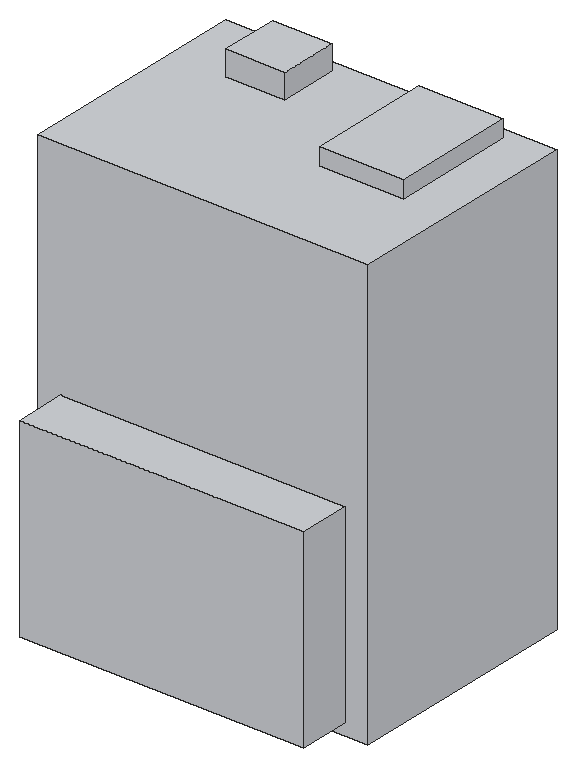
Revit family "290c19621f6c4a359437cc6096cda9eb", category Mechanical Equipment, Revit 2021
Family settings
  Round Connector Dimension = Use Radius
  Part Type = Normal
  OmniClass Number = 23.75.70.17.27
  OmniClass Title = Fan Coil Units
  Seek Item ID = Fan Coil Unit - Vertical - Belt Drive - CHW-0000-USA-ENU
  Work Plane-Based = No
  Always vertical = Yes
  Cut with Voids When Loaded = No
  Shared = No
  Room Calculation Point = No
Parameters (values of type "600 CFM")
  Voltage = 120 V
  Unit Width = 1' - 8"
  Unit Length = 2' - 4 1/16"
  Unit Height = 3' - 0 1/2"
  Total Cooling Capacity = 19500 Btu/h
  Supply Air Width = 7 1/8"
  Supply Air Height = 10 9/16"
  Sensible Cooling Capacity = 14500 Btu/h
  Return Air Width = 24 1/16"
  Return Air Height = 16 7/16"
  Number of Poles = 1
  Nominal Air Flow [instance] = 600 CFM
  Load Classification = Cooling
  Heating Water Pressure Drop [instance] = 11.30 psi
  Heating Water Flow [instance] = 2 GPM
  Heating Capacity = 46900 Btu/h
  External Static Pressure [instance] = 0.30 in-wg
  Drain Flow [instance] = 0 GPM
  Default Elevation = 0' - 0"
  Chilled Water Radius = 3/4"
  Chilled Water Pressure Drop [instance] = 11.30 psi
  Chilled Water Flow [instance] = 3 GPM
  Chilled Water Diameter = Chilled Water Radius * 2  # 1 1/2"
  CFU Material = none
  C6 Offset 1 = 0' - 3 3/4"
  C4 Offset 2 = 0' - 7"
  C4 Offset 1 = 1' - 3 1/2"
  C3 Offset 2 = 0' - 3 1/2"
  C3 Offset 1 = 0' - 7"
  C2 Offset 2 = 1' - 0 3/4"
  C1 Offset 2 = 0' - 6 1/8"
  C1 Offset 1 = 0' - 5 15/16"
  Apparent Load = 3413 VA
Types (9): name | Voltage | Unit Width | Unit Length | Unit Height | Total Cooling Capacity | Supply Air Width | Supply Air Height | Sensible Cooling Capacity | Return Air Width | Return Air Height | Nominal Air Flow | Heating Water Pressure Drop | Heating Water Flow | Heating Capacity | Chilled Water Radius | Chilled Water Pressure Drop | Chilled Water Flow | Chilled Water Diameter | C6 Offset 1 | C4 Offset 2 | C4 Offset 1 | C3 Offset 2 | C3 Offset 1 | C2 Offset 2 | C1 Offset 2 | Apparent Load
  (no name) | 120 V | 1' - 8" | 2' - 4 1/16" | 3' - 0 1/2" | 19500 Btu/h | 7 1/8" | 10 9/16" | 14500 Btu/h | 24 1/16" | 16 7/16" | 600 CFM | 11.30 psi | 2 GPM | 46900 Btu/h | 3/4" | 11.30 psi | 3 GPM | 1 1/2" | 0' - 3 3/4" | 0' - 7" | 1' - 3 1/2" | 0' - 3 1/2" | 0' - 7" | 1' - 0 3/4" | 0' - 6 1/8" | 3413 VA
  600 CFM | 120 V | 1' - 8" | 2' - 4 1/16" | 3' - 0 1/2" | 19500 Btu/h | 7 1/8" | 10 9/16" | 14500 Btu/h | 24 1/16" | 16 7/16" | 600 CFM | 11.30 psi | 2 GPM | 46900 Btu/h | 3/4" | 11.30 psi | 3 GPM | 1 1/2" | 0' - 3 3/4" | 0' - 7" | 1' - 3 1/2" | 0' - 3 1/2" | 0' - 7" | 1' - 0 3/4" | 0' - 6 1/8" | 3413 VA
  800 CFM | 120 V | 1' - 8" | 2' - 4 1/16" | 3' - 0 1/2" | 24900 Btu/h | 8 9/16" | 10 9/16" | 18600 Btu/h | 24 1/16" | 16 7/16" | 800 CFM | 20.10 psi | 2 GPM | 46900 Btu/h | 3/4" | 20.10 psi | 4 GPM | 1 1/2" | 0' - 3 3/4" | 0' - 7" | 1' - 3 1/2" | 0' - 3 1/2" | 0' - 7" | 1' - 0 3/4" | 0' - 6 1/8" | 3413 VA
  1000 CFM | 120 V | 1' - 10" | 3' - 1 1/16" | 3' - 3 3/8" | 34600 Btu/h | 7 1/2" | 11 11/16" | 24900 Btu/h | 33 1/16" | 18 3/16" | 1000 CFM | 35.80 psi | 2 GPM | 46900 Btu/h | 3/4" | 35.80 psi | 5 GPM | 1 1/2" | 0' - 5 1/2" | 0' - 7" | 1' - 5 1/8" | 0' - 5 1/8" | 0' - 7" | 1' - 2 3/8" | 0' - 7 3/4" | 3413 VA
  1200 CFM | 120 V | 1' - 10" | 3' - 1 1/16" | 3' - 3 3/8" | 39800 Btu/h | 9 15/16" | 11 11/16" | 28900 Btu/h | 33 1/16" | 18 3/16" | 1200 CFM | 51.50 psi | 3 GPM | 68500 Btu/h | 3/4" | 51.50 psi | 6 GPM | 1 1/2" | 0' - 5 1/2" | 0' - 7" | 1' - 5 1/8" | 0' - 5 1/8" | 0' - 7" | 1' - 2 3/8" | 0' - 7 3/4" | 5119.5 VA
  1600 CFM | 120 V | 1' - 10" | 3' - 11 1/16" | 3' - 3 3/8" | 54400 Btu/h | 13 5/16" | 12 11/16" | 39100 Btu/h | 43 1/16" | 18 3/16" | 1600 CFM | 43.30 psi | 3 GPM | 87700 Btu/h | 1" | 43.30 psi | 9 GPM | 2" | 1' - 4 1/2" | 0' - 7" | 1' - 0" | 0' - 10 5/8" | 0' - 9 5/8" | 1' - 3 5/8" | 0' - 7 3/4" | 8532.5 VA
  2000 CFM | 120 V | 2' - 0" | 4' - 0 1/16" | 3' - 9 1/8" | 68600 Btu/h | 12 1/2" | 13 3/4" | 48900 Btu/h | 44 1/16" | 20 11/16" | 2000 CFM | 72.50 psi | 4 GPM | 104900 Btu/h | 1" | 72.50 psi | 11 GPM | 2" | 1' - 5 13/16" | 0' - 7" | 1' - 1 5/16" | 0' - 11 15/16" | 0' - 9 5/8" | 1' - 6 3/16" | 0' - 7 13/16" | 11945.5 VA
  3000 CFM | 120 V | 2' - 4" | 4' - 0 1/16" | 4' - 6 3/16" | 102800 Btu/h | 15 7/8" | 13 3/4" | 73600 Btu/h | 44 1/16" | 28 15/16" | 3000 CFM | 46.00 psi | 6 GPM | 149200 Btu/h | 1 1/2" | 46.00 psi | 17 GPM | 3" | 1' - 4 1/8" | 0' - 8" | 1' - 4 7/16" | 1' - 2 1/16" | 0' - 9 5/8" | 2' - 2 5/16" | 0' - 5 15/16" | 20478 VA
  4000 CFM | 208 V | 2' - 4" | 5' - 2 1/16" | 4' - 9 5/8" | 147900 Btu/h | 16 7/16" | 16 1/16" | 102700 Btu/h | 58 1/16" | 28 15/16" | 4000 CFM | 112.70 psi | 7 GPM | 182400 Btu/h | 1 1/2" | 112.70 psi | 25 GPM | 3" | 1' - 10 7/8" | 0' - 8" | 1' - 4 7/16" | 1' - 2 1/16" | 0' - 9 5/8" | 2' - 2 5/16" | 0' - 5 15/16" | 20478 VA
Reference planes (in)
  plane 1 "Center (Front/Back)": y = 0
  plane 2: z = 0
  plane 3 "Center (Left/Right)": x = 0
  plane 4: x = 28.0625
  plane 5: y = 20
  plane 6: y = 19
  plane 7: x = 24.3125
  plane 8: x = 17.1875
  plane 9: y = 8.4375
  plane 10: z = 36.5
  plane 11: z = 1
  plane 12: x = 2
  plane 13: x = 26.0625
  plane 14: z = 17.4375
  plane 15: y = -4.375
  plane 16: z = 37.9375
  plane 17: z = 38.5625
  plane 18: x = 9.75
  plane 19: y = 14
  plane 20: x = 4.75
  plane 21: x = -1
  plane 22: z = 6.125
  plane 23: y = 5.9375
  plane 24: y = 2.6875
  plane 25: z = 12.75
  plane 26: y = 7
  plane 27: z = 3.5
  plane 28: y = 15.5
  plane 29: z = 7
  plane 30: y = 8.625
  plane 31: z = 1.625
Forms (in)
  Extrusion 1, solid, material <- "CFU Material"
    sketch origin (0, 0, 0) x (1, 0, 0) y (0, 1, 0)
      loop
        line (0, 20) -> (0, 0) -> (28.0625, 0) -> (28.0625, 20) -> (0, 20)
    from 0 to 36.5
  Extrusion 2, solid, material <- "CFU Material"
    sketch origin (0, 0, 0) x (1, 0, 0) y (0, 0, 1)
      loop
        line (2, 17.4375) -> (2, 1) -> (26.0625, 1) -> (26.0625, 17.4375) -> (2, 17.4375)
    from 0 to 4.375
  Extrusion 3, solid, material <- "CFU Material"
    sketch origin (0, 0, 0) x (1, 0, 0) y (0, 1, 0)
      loop
        line (17.1875, 19) -> (17.1875, 8.4375) -> (24.3125, 8.4375) -> (24.3125, 19) -> (17.1875, 19)
    from 36.5 to 37.9375
  Extrusion 4, solid, material <- "CFU Material"
    sketch origin (0, 0, 0) x (1, 0, 0) y (0, 1, 0)
      loop
        line (4.75, 19) -> (4.75, 14) -> (9.75, 14) -> (9.75, 19) -> (4.75, 19)
    from 36.5 to 38.5625
  Extrusion 5, solid, material <- "CFU Material"
    sketch origin (0, 0, 0) x (0, 1, 0) y (0, 0, 1)
      loop
        circle (5.9375, 6.125) r 0.75
    from -1 to 0
  Extrusion 6, solid, material <- "CFU Material"
    sketch origin (0, 0, 0) x (0, 1, 0) y (0, 0, 1)
      loop
        circle (2.6875, 12.75) r 0.75
    from -1 to 0
  Extrusion 7, solid, material <- "CFU Material"
    sketch origin (0, 0, 0) x (0, 1, 0) y (0, 0, 1)
      loop
        circle (7, 3.5) r 0.25
    from -1 to 0
  Extrusion 8, solid, material <- "CFU Material"
    sketch origin (0, 0, 0) x (0, 1, 0) y (0, 0, 1)
      loop
        circle (15.5, 7) r 0.25
    from -1 to 0
  Extrusion 9, solid, material <- "CFU Material"
    sketch origin (0, 0, 0) x (0, 1, 0) y (0, 0, 1)
      loop
        circle (8.625, 1.625) r 0.375
    from -1 to 0
Cuts and joins
  joined: Extrusion 1, Extrusion 2, Extrusion 3, Extrusion 4, Extrusion 5, Extrusion 6, Extrusion 7, Extrusion 8, Extrusion 9
Dimensions and locks (in)
  "Unit Length": plane 3 "Center (Left/Right)" to plane 4
  "Unit Width": plane 5 to plane 1 "Center (Front/Back)"
  locked: plane 5 to plane 6 at 1
  "C6 Offset 1": plane 7 to plane 4
  "Supply Air Width": plane 8 to plane 7
  "Supply Air Height": plane 6 to plane 9
  "Unit Height": plane 10 to plane 2
  locked: plane 11 to plane 2 at 1
  locked: plane 3 "Center (Left/Right)" to plane 12 at 2
  "Return Air Width": plane 13 to plane 12
  "Return Air Height": plane 14 to plane 11
  locked: plane 16 to plane 10 at 1.4375
  locked: plane 17 to plane 10 at 2.0625
  locked: plane 18 to plane 8 at 7.4375
  locked: plane 6 to plane 19 at 5
  locked: plane 20 to plane 18 at 5
  locked: plane 1 "Center (Front/Back)" to plane 15 at 4.375
  locked: plane 21 to plane 3 "Center (Left/Right)" at 1
  "C1 Offset 2": plane 2 to plane 22
  "C1 Offset 1": plane 23 to plane 1 "Center (Front/Back)"
  locked: plane 24 to plane 1 "Center (Front/Back)" at 2.6875
  "C2 Offset 2": plane 2 to plane 25
  "C3 Offset 1": plane 26 to plane 1 "Center (Front/Back)"
  "C3 Offset 2": plane 27 to plane 2
  "C4 Offset 1": plane 28 to plane 1 "Center (Front/Back)"
  "C4 Offset 2": plane 29 to plane 2
  locked: plane 30 to plane 1 "Center (Front/Back)" at 8.625
  locked: plane 31 to plane 2 at 1.625
  "Chilled Water Radius": radius of Extrusion 5 sketch curve
  "Chilled Water Radius": radius of Extrusion 6 sketch curve
  radius of Extrusion 8 sketch curve = 0' - 0 1/4"
  radius of Extrusion 9 sketch curve = 0' - 0 3/8"
  aligned and locked: plane 3 "Center (Left/Right)" to Extrusion 1 sketch curve
  aligned and locked: Extrusion 1 sketch curve to plane 1 "Center (Front/Back)"
  aligned and locked: Extrusion 1 sketch curve to plane 4
  aligned and locked: Extrusion 1 to plane 2
  aligned and locked: plane 10 to Extrusion 1
  aligned and locked: Extrusion 2 sketch curve to plane 14
  aligned and locked: Extrusion 2 sketch curve to plane 12
  aligned and locked: Extrusion 2 sketch curve to plane 13
  aligned and locked: plane 11 to Extrusion 2 sketch curve
  aligned and locked: Extrusion 2 to plane 1 "Center (Front/Back)"
  aligned and locked: Extrusion 2 to plane 15
  aligned and locked: Extrusion 3 sketch curve to plane 7
  aligned and locked: plane 9 to Extrusion 3 sketch curve
  aligned and locked: plane 8 to Extrusion 3 sketch curve
  aligned and locked: Extrusion 3 sketch curve to plane 6
  aligned and locked: plane 16 to Extrusion 3
  aligned and locked: Extrusion 3 to plane 10
  aligned and locked: Extrusion 4 sketch curve to plane 18
  aligned and locked: plane 19 to Extrusion 4 sketch curve
  aligned and locked: plane 20 to Extrusion 4 sketch curve
  aligned and locked: Extrusion 4 sketch curve to plane 6
  aligned and locked: plane 17 to Extrusion 4
  aligned and locked: Extrusion 4 to plane 10
  aligned and locked: plane 22 to Extrusion 5 sketch curve
  aligned and locked: plane 23 to Extrusion 5 sketch curve
  aligned and locked: plane 25 to Extrusion 6 sketch curve
  aligned and locked: Extrusion 6 sketch curve to plane 24
  aligned and locked: Extrusion 5 to plane 3 "Center (Left/Right)"
  aligned and locked: Extrusion 5 to plane 21
  aligned and locked: Extrusion 6 to plane 3 "Center (Left/Right)"
  aligned and locked: Extrusion 6 to plane 21
  aligned and locked: Extrusion 7 sketch curve to plane 27
  aligned and locked: plane 26 to Extrusion 7 sketch curve
  aligned and locked: Extrusion 7 to plane 21
  aligned and locked: plane 3 "Center (Left/Right)" to Extrusion 7
  aligned and locked: plane 29 to Extrusion 8 sketch curve
  aligned and locked: plane 28 to Extrusion 8 sketch curve
  aligned and locked: Extrusion 8 to plane 21
  aligned and locked: plane 3 "Center (Left/Right)" to Extrusion 8
  aligned and locked: plane 31 to Extrusion 9 sketch curve
  aligned and locked: plane 30 to Extrusion 9 sketch curve
  aligned and locked: Extrusion 9 to plane 21
  aligned and locked: plane 3 "Center (Left/Right)" to Extrusion 9
  aligned and locked: Extrusion 1 sketch curve to plane 5
Automatic sketch dimensions
  radius of Extrusion 7 sketch curve = 0' - 0 1/4"
Connectors (in)
  piping at (-1, 5.9375, 6.125), diameter 1.5, driven by "Chilled Water Radius", driven by "Chilled Water Flow"
    settings: on cut or joined group 1 (Extrusion 1, Extrusion 2, Extrusion 3, Extrusion 4, Extrusion 5, Extrusion 6, Extrusion 7, Extrusion 8, Extrusion 9), index 1, connector inside diameter 1 1/2", connector length 0' - 0", flow factor 0, pipe flow 3 GPM, pressure drop 0.00 psi, fitting loss kfactor 0, connector angle 0.00°, fixture units 0, engagement length 0' - 0", angle of deflection 0.00°, flow configuration 1, flow direction 1, fitting loss method 4, system type 7, joint type 0, gender type 0, connector reference index 2, connector utility 0, adjustable connector no, is connector primary yes, connector description "Chilled Water,In"
  piping at (-1, 2.6875, 12.75), diameter 1.5, driven by "Chilled Water Radius", driven by "Chilled Water Flow", driven by "Chilled Water Pressure Drop"
    settings: on cut or joined group 1, index 2, connector inside diameter 1 1/2", connector length 0' - 0", flow factor 0, pipe flow 3 GPM, pressure drop 11.30 psi, fitting loss kfactor 0, connector angle 0.00°, fixture units 0, engagement length 0' - 0", angle of deflection 0.00°, flow configuration 1, flow direction 2, fitting loss method 4, system type 8, joint type 0, gender type 0, connector reference index 1, connector utility 0, adjustable connector no, is connector primary no, connector description "Chilled Water,Out"
  piping at (-1, 7, 3.5), diameter 0.5, driven by "Heating Water Flow"
    settings: on cut or joined group 1, index 3, connector inside diameter 1/2", connector length 0' - 0", flow factor 0, pipe flow 2 GPM, pressure drop 0.00 psi, fitting loss kfactor 0, connector angle 0.00°, fixture units 0, engagement length 0' - 0", angle of deflection 0.00°, flow configuration 1, flow direction 1, fitting loss method 4, system type 7, joint type 0, gender type 0, connector reference index 4, connector utility 0, adjustable connector no, is connector primary no, connector description "Heating Water,In"
  piping at (-1, 15.5, 7), diameter 0.5, driven by "Heating Water Flow", driven by "Heating Water Pressure Drop"
    settings: on cut or joined group 1, index 4, connector inside diameter 1/2", connector length 0' - 0", flow factor 0, pipe flow 2 GPM, pressure drop 11.30 psi, fitting loss kfactor 0, connector angle 0.00°, fixture units 0, engagement length 0' - 0", angle of deflection 0.00°, flow configuration 1, flow direction 2, fitting loss method 4, system type 8, joint type 0, gender type 0, connector reference index 3, connector utility 0, adjustable connector no, is connector primary no, connector description "Heating Water,Out"
  piping at (-1, 8.625, 1.625), diameter 0.75, driven by "Drain Flow"
    settings: on cut or joined group 1, index 5, connector inside diameter 3/4", connector length 0' - 0", flow factor 0, pipe flow 0 GPM, pressure drop 0.00 psi, fitting loss kfactor 0, connector angle 0.00°, fixture units 0, engagement length 0' - 0", angle of deflection 0.00°, flow configuration 1, flow direction 2, fitting loss method 0, system type 16, joint type 0, gender type 0, connector reference index -1, connector utility 0, adjustable connector yes, is connector primary no, connector description "Drain,Out"
  hvac at (20.75, 13.71875, 37.9375), driven by "Nominal Air Flow", driven by "Supply Air Height", driven by "Supply Air Width"
    settings: on Extrusion 3, index 6, duct flow 600 CFM, flow factor 0, pres drop 0.00 in-wg, loss coef 0, conn angle 0.00°, conn width 7 1/8", conn height 10 9/16", conn diameter 24", duct sys type 1, conn prof type 1, flow config 0, flow direction 2, loss method 0, conn ref index 7, conn util no, is conn primary yes, conn desc ""
  hvac at (14.03125, -4.375, 9.21875), driven by "Nominal Air Flow", driven by "Return Air Height", driven by "Return Air Width"
    settings: on cut or joined group 1, index 7, duct flow 600 CFM, flow factor 0, pres drop 0.00 in-wg, loss coef 0, conn angle 0.00°, conn width 24 1/16", conn height 16 7/16", conn diameter 24", duct sys type 2, conn prof type 1, flow config 0, flow direction 1, loss method 0, conn ref index 6, conn util no, is conn primary no, conn desc ""
  electrical at (7.25, 16.5, 38.5625), driven by "Apparent Load", driven by "Voltage", driven by "Number of Poles", driven by "Load Classification"
    settings: on Extrusion 4, index 8, voltage 120 V, apparent load 3413 VA, apparent load phase1 0 VA, apparent load phase2 0 VA, apparent load phase3 0 VA, power factor 0.8, load classification "Cooling", number of poles 1, system type 30, power factor state 1, is connector primary yes, connector utility no, sub classification motor no, connector description ""
